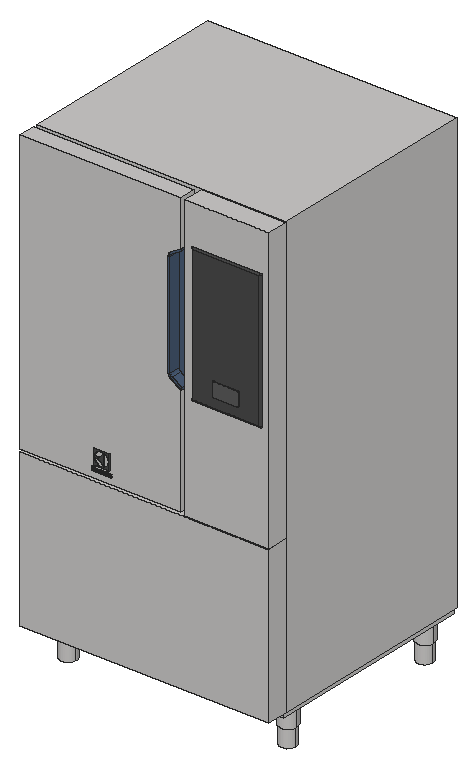
Revit family "QF_ELECTROLUXPROFESSIONAL_727738_EBFA11Q", category Specialty Equipment, Revit 2018
Family settings
  Round Connector Dimension = Use Diameter
  Part Type = Normal
  Work Plane-Based = No
  Always vertical = Yes
  Cut with Voids When Loaded = No
  Shared = No
  Room Calculation Point = No
Parameters
  Weight = 0.00 kg
  Watts = 0 W
  Volts = 208 V
  URL Manufacturer = "http://professional.electrolux.com"
  URL = "http://professional.electrolux.com"
  Steam Supply Size = 0 mm
  Steam Supply Minimum Pressure = 0.0 Pa
  Steam Supply Maximum Pressure = 0.0 Pa
  Steam Pounds per Hour = 0
  Show Logo [instance] = yes
  Show Clearance [instance] = yes
  Refrigeration Suction Line Size = 0 mm
  Refrigeration Liquid Line Size = 0 mm
  Refrigerant Compressor Remote = yes
  Manufacturer = "Electrolux"
  Phase = 3
  Model = "EBFA11Q"
  Length Actual = 895 mm  # constant formula
  Item Number = "727738"
  Hot Water Size = 0 mm
  Height Actual = 1731 mm  # constant formula
  HP = "6.3 HP"
  Gas Size = 0 mm
  Gas KW = 0
  Gas Input Pressure = 0 W
  Direct Waste Size = 0 mm
  Description = "BLAST C/FR 50/50KG 10GN1/1-208V-US-USB"
  Depth Actual = 939 mm  # constant formula
  Cycle = 60 Hz
  Condensate Return Size = 0 mm
  Compressed Air Volume = 0.0 L/s
  Compressed Air Size = 0 mm
  Compressed Air Pressure = 0.0 Pa
  Cold Water Size = 0 mm
  Accessory = yes
Reference planes
  plane 1 "Center X": y = 126.351
  plane 2: z = 0
  plane 3 "Center Y": x = -311.5
  plane 4 "LEFT": x = -759
  plane 5 "BACK": y = 547.851
  plane 6 "RIGHT": x = 136
  plane 7 "FRONT": y = -295.149
  plane 8: z = 130
  plane 9 "TOP": z = 1731
  plane 10: x = -707
  plane 11: y = 471.851
  plane 12: x = 84
  plane 13: y = -144.149
  plane 14: y = 639.851
  plane 15: y = -834.149
Forms (mm)
  Extrusion 1, solid, material "QF_Finishes_Stainless Steel"
    sketch origin (0, 0, 1731) x (-1, 0, 0) y (0, -1, 0)
      loop
        line (759, -547.851) -> (759, 219.149) -> (-136, 219.149) -> (-136, -547.851) -> (759, -547.851)
    from 0 to -1581
  Extrusion 2, solid, material "QF_Finishes_Stainless Steel"
    sketch origin (-759, -0.954, 258.709) x (0, 1, 0) y (0, 0, 1)
      loop
        line (548.805, 694.306) -> (548.805, 392.314) -> (633.5, 399.789)
        arc (633.5, 399.789) -> (638.702, 402.354) -> (640.805, 407.759) r 8
        line (640.805, 407.759) -> (640.805, 433.233)
        arc (640.805, 433.233) -> (636.783, 442.547) -> (640.805, 451.86) r 12.795
        line (640.805, 451.86) -> (640.805, 483.24)
        arc (640.805, 483.24) -> (636.783, 492.554) -> (640.805, 501.867) r 12.795
        line (640.805, 501.867) -> (640.805, 533.247)
        arc (640.805, 533.247) -> (636.783, 542.56) -> (640.805, 551.874) r 12.795
        line (640.805, 551.874) -> (640.805, 583.254)
        arc (640.805, 583.254) -> (636.783, 592.567) -> (640.805, 601.881) r 12.795
        line (640.805, 601.881) -> (640.805, 634.796)
        arc (640.805, 634.796) -> (639.466, 639.795) -> (635.808, 643.455) r 10
        line (635.808, 643.455) -> (548.805, 694.306)
    from 618.187 to 801.865
  Extrusion 3, solid, material "QF_Finishes_Stainless Steel"
    sketch origin (-54.727, 547.851, 2066) x (1, 0, 0) y (0, 0, -1)
      loop
        circle (121.727, 1473) r 10.5
    from 0 to 29
  Extrusion 4, solid, material "QF_Finishes_Stainless Steel"
    sketch origin (-1206.916, -1524, 130) x (-1, 0, 0) y (0, -1, 0)
      loop
        line (-447.916, -1228.851) -> (-1342.916, -1228.851) -> (-1342.916, -1303.851) -> (-447.916, -1303.851) -> (-447.916, -1228.851)
    from 580 to 20.02
  Extrusion 5, solid, material "QF_Finishes_Stainless Steel"
    sketch origin (-1206.916, -1524, 130) x (-1, 0, 0) y (0, -1, 0)
      loop
        line (-456.916, -2071.851) -> (-456.916, -1306.851) -> (-1333.916, -1306.851) -> (-1333.916, -2071.851) -> (-456.916, -2071.851)
    from 20 to 0
  Extrusion 6, solid, material "QF_Finishes_Stainless Steel"
    sketch origin (-1206.916, -1524, 130) x (0, -1, 0) y (-1, 0, 0)
      loop
        circle (-1673.851, -847.916) r 9.5
    from 0 to 31.68
  Extrusion 7, void
    sketch origin (1, 0, 1731) x (-1, 0, 0) y (0, -1, 0)
      loop
        line (132.09, -639.851) -> (141.813, -639.851) -> (141.813, -547.851) -> (140.183, -547.851) -> (132.09, -639.851)
      loop
        line (-40.234, -547.851) -> (-41.865, -547.851) -> (-41.865, -639.851) -> (-32.141, -639.851) -> (-40.234, -547.851)
    from -1080 to -770
  Extrusion 8, solid, material "QF_Finishes_Stainless Steel"
    sketch origin (-623, -295.149, 0) x (1, 0, 0) y (0, 0, -1)
      loop
        line (442.2, -1731) -> (442.2, -1568.97) -> (405.947, -1544.888)
        arc (405.947, -1544.888) -> (399.716, -1538.041) -> (397.46, -1529.062) r 19
        line (397.46, -1529.062) -> (397.46, -1154.149)
        arc (397.46, -1154.149) -> (399.839, -1144.688) -> (406.41, -1137.479) r 20
        line (406.41, -1137.479) -> (442.2, -1113.756) -> (442.2, -719.524) -> (-136, -719.524) -> (-136, -1731) -> (442.2, -1731)
    from 0 to 60
  Extrusion 9, solid, material "QF_Finishes_Stainless Steel"
    sketch origin (-623, 0, 1060.038) x (1, 0, 0) y (0, 1, 0)
      loop
        line (759, -295.149) -> (759, -220.149) -> (457, -220.149) -> (457, -295.149) -> (759, -295.149)
    from 670.962 to -349
  Extrusion 10, solid, material "QF_Door-Drawer Clearances", visible <- "Show Clearance", detail levels coarse
    sketch origin (-623, 0, 1060.038) x (1, 0, 0) y (0, 1, 0)
      loop
        line (-82, -295.149) -> (-82, -831.649)
        arc (-82, -831.649) -> (284.195, -665.108) -> (442.2, -295.149) r 556
        line (442.2, -295.149) -> (-82, -295.149)
    from -340.514 to 670.962
  Extrusion 11, solid, material "QF_Finishes_Stainless Steel"
    sketch origin (-632, -235.149, 600.072) x (1, 0, 0) y (0, 0, -1)
      loop
        line (406.46, -554.076) -> (406.46, -928.989)
        arc (406.46, -928.989) -> (408.716, -937.969) -> (414.947, -944.816) r 19
        line (414.947, -944.816) -> (451.2, -968.898) -> (451.2, -513.683) -> (415.41, -537.406)
        arc (415.41, -537.406) -> (408.839, -544.616) -> (406.46, -554.076) r 20
    from -21 to 0
  Extrusion 12, solid, material "QF_Finishes_Electrolux_Blue"
    sketch origin (-632, -295.149, 600.072) x (-1, 0, 0) y (0, 0, -1)
      loop
        line (-451.2, -968.898) -> (-414.947, -944.816)
        arc (-414.947, -944.816) -> (-408.716, -937.969) -> (-406.46, -928.989) r 19
        line (-406.46, -928.989) -> (-406.46, -554.076)
        arc (-406.46, -554.076) -> (-408.839, -544.616) -> (-415.41, -537.406) r 20
        line (-415.41, -537.406) -> (-451.2, -513.683) -> (-453.7, -513.683) -> (-453.7, -519.824) -> (-419.001, -542.824)
        arc (-419.001, -542.824) -> (-414.566, -547.691) -> (-412.96, -554.076) r 13.5
        line (-412.96, -554.076) -> (-412.96, -928.989)
        arc (-412.96, -928.989) -> (-414.444, -934.897) -> (-418.543, -939.401) r 12.5
        line (-418.543, -939.401) -> (-453.7, -962.755) -> (-453.7, -968.898) -> (-451.2, -968.898)
    from -39 to 1
  Extrusion 13, void
    sketch origin (136, -219.149, 1731) x (1, 0, 0) y (0, 0, -1)
      loop
        line (-366.8, 60) -> (-366.8, 962) -> (-834, 962) -> (-834, 60) -> (-366.8, 60)
    from 0 to 705
  Extrusion 14, solid, material "QF_Door-Drawer Clearances", visible <- "Show Clearance", detail levels coarse
    sketch origin (-765, -389.449, 0) x (0, -1, 0) y (0, 0, -1)
      loop
        line (442.2, -1731) -> (442.2, -1568.97) -> (405.947, -1544.888)
        arc (405.947, -1544.888) -> (399.716, -1538.041) -> (397.46, -1529.062) r 19
        line (397.46, -1529.062) -> (397.46, -1154.149)
        arc (397.46, -1154.149) -> (399.839, -1144.688) -> (406.41, -1137.479) r 20
        line (406.41, -1137.479) -> (442.2, -1113.756) -> (442.2, -719.524) -> (-94.3, -719.524) -> (-94.3, -1731) -> (442.2, -1731)
    from 0 to 60
  Extrusion 15, solid, material "QF_Door-Drawer Clearances", visible <- "Show Clearance", detail levels coarse
    sketch origin (-705, -380.449, 600.072) x (0, -1, 0) y (0, 0, -1)
      loop
        line (406.46, -554.076) -> (406.46, -928.989)
        arc (406.46, -928.989) -> (408.716, -937.969) -> (414.947, -944.816) r 19
        line (414.947, -944.816) -> (451.2, -968.898) -> (451.2, -513.683) -> (415.41, -537.406)
        arc (415.41, -537.406) -> (408.839, -544.616) -> (406.46, -554.076) r 20
    from -21 to 0
  Extrusion 16, solid, material "QF_Door-Drawer Clearances", visible <- "Show Clearance", detail levels coarse
    sketch origin (-765, -380.449, 600.072) x (0, 1, 0) y (0, 0, -1)
      loop
        line (-451.2, -968.898) -> (-414.947, -944.816)
        arc (-414.947, -944.816) -> (-408.716, -937.969) -> (-406.46, -928.989) r 19
        line (-406.46, -928.989) -> (-406.46, -554.076)
        arc (-406.46, -554.076) -> (-408.839, -544.616) -> (-415.41, -537.406) r 20
        line (-415.41, -537.406) -> (-451.2, -513.683) -> (-453.7, -513.683) -> (-453.7, -519.824) -> (-419.001, -542.824)
        arc (-419.001, -542.824) -> (-414.566, -547.691) -> (-412.96, -554.076) r 13.5
        line (-412.96, -554.076) -> (-412.96, -928.989)
        arc (-412.96, -928.989) -> (-414.444, -934.897) -> (-418.543, -939.401) r 12.5
        line (-418.543, -939.401) -> (-453.7, -962.755) -> (-453.7, -968.898) -> (-451.2, -968.898)
    from -39 to 1
Cuts and joins
  Extrusion 13 cuts Extrusion 1
  Extrusion 7, Extrusion 13 cuts Extrusion 2
  Extrusion 13 cuts Extrusion 3
  Extrusion 13 cuts Extrusion 5
  Extrusion 13 cuts Extrusion 6
  joined: Extrusion 1, Extrusion 2, Extrusion 3, Extrusion 5, Extrusion 6
  joined: Extrusion 10, Extrusion 14, Extrusion 15, Extrusion 16
Lines and regions (mm)
  Split face 1
    outline origin (594.146, -295.149, -365.12) x (-1, 0, 0) y (0, 0, -1)
      loop
        line (490.638, -548.639) -> (600.654, -548.639) -> (600.654, -543.665) -> (490.638, -543.665) -> (490.638, -548.639)
  Split face 2
    outline origin (594.146, -295.149, -355.62) x (-1, 0, 0) y (0, 0, -1)
      loop
        line (490.638, -548.639) -> (600.654, -548.639) -> (600.654, -543.665) -> (490.638, -543.665) -> (490.638, -548.639)
  Split face 3
    outline origin (594.146, -295.149, -346.12) x (-1, 0, 0) y (0, 0, -1)
      loop
        line (490.638, -548.639) -> (600.654, -548.639) -> (600.654, -543.665) -> (490.638, -543.665) -> (490.638, -548.639)
  Split face 4
    outline origin (594.146, -295.149, -336.62) x (-1, 0, 0) y (0, 0, -1)
      loop
        line (490.638, -548.639) -> (600.654, -548.639) -> (600.654, -543.665) -> (490.638, -543.665) -> (490.638, -548.639)
  Split face 5
    outline origin (594.146, -295.149, -327.12) x (-1, 0, 0) y (0, 0, -1)
      loop
        line (490.638, -548.639) -> (600.654, -548.639) -> (600.654, -543.665) -> (490.638, -543.665) -> (490.638, -548.639)
  Split face 6
    outline origin (594.146, -295.149, -317.619) x (-1, 0, 0) y (0, 0, -1)
      loop
        line (490.638, -548.639) -> (600.654, -548.639) -> (600.654, -543.665) -> (490.638, -543.665) -> (490.638, -548.639)
  Split face 7
    outline origin (594.146, -295.149, -308.119) x (-1, 0, 0) y (0, 0, -1)
      loop
        line (490.638, -548.639) -> (600.654, -548.639) -> (600.654, -543.665) -> (490.638, -543.665) -> (490.638, -548.639)
  Split face 8
    outline origin (594.146, -295.149, -298.619) x (-1, 0, 0) y (0, 0, -1)
      loop
        line (490.638, -548.639) -> (600.654, -548.639) -> (600.654, -543.665) -> (490.638, -543.665) -> (490.638, -548.639)
  Split face 9
    outline origin (594.146, -295.149, -289.119) x (-1, 0, 0) y (0, 0, -1)
      loop
        line (490.638, -548.639) -> (600.654, -548.639) -> (600.654, -543.665) -> (490.638, -543.665) -> (490.638, -548.639)
  Split face 10
    outline origin (594.146, -295.149, -279.619) x (-1, 0, 0) y (0, 0, -1)
      loop
        line (490.638, -548.639) -> (600.654, -548.639) -> (600.654, -543.665) -> (490.638, -543.665) -> (490.638, -548.639)
  Split face 11
    outline origin (594.146, -295.149, -270.119) x (-1, 0, 0) y (0, 0, -1)
      loop
        line (490.638, -548.639) -> (600.654, -548.639) -> (600.654, -543.665) -> (490.638, -543.665) -> (490.638, -548.639)
  Split face 12
    outline origin (594.146, -295.149, -260.619) x (-1, 0, 0) y (0, 0, -1)
      loop
        line (490.638, -548.639) -> (600.654, -548.639) -> (600.654, -543.665) -> (490.638, -543.665) -> (490.638, -548.639)
  Split face 13
    outline origin (594.146, -295.149, -251.119) x (-1, 0, 0) y (0, 0, -1)
      loop
        line (490.638, -548.639) -> (600.654, -548.639) -> (600.654, -543.665) -> (490.638, -543.665) -> (490.638, -548.639)
  Split face 14
    outline origin (594.146, -295.149, -241.619) x (-1, 0, 0) y (0, 0, -1)
      loop
        line (490.638, -548.639) -> (600.654, -548.639) -> (600.654, -543.665) -> (490.638, -543.665) -> (490.638, -548.639)
  Split face 15
    outline origin (594.146, -295.149, -232.119) x (-1, 0, 0) y (0, 0, -1)
      loop
        line (490.638, -548.639) -> (600.654, -548.639) -> (600.654, -543.665) -> (490.638, -543.665) -> (490.638, -548.639)
  Split face 16
    outline origin (594.146, -295.149, -222.619) x (-1, 0, 0) y (0, 0, -1)
      loop
        line (490.638, -548.639) -> (600.654, -548.639) -> (600.654, -543.665) -> (490.638, -543.665) -> (490.638, -548.639)
  Split face 17
    outline origin (594.146, -295.149, -213.119) x (-1, 0, 0) y (0, 0, -1)
      loop
        line (490.638, -548.639) -> (600.654, -548.639) -> (600.654, -543.665) -> (490.638, -543.665) -> (490.638, -548.639)
  Split face 18
    outline origin (594.146, -295.149, -203.619) x (-1, 0, 0) y (0, 0, -1)
      loop
        line (490.638, -548.639) -> (600.654, -548.639) -> (600.654, -543.665) -> (490.638, -543.665) -> (490.638, -548.639)
  Split face 19
    outline origin (594.146, -295.149, -194.118) x (-1, 0, 0) y (0, 0, -1)
      loop
        line (490.638, -548.639) -> (600.654, -548.639) -> (600.654, -543.665) -> (490.638, -543.665) -> (490.638, -548.639)
  Split face 20
    outline origin (594.146, -295.149, -184.618) x (-1, 0, 0) y (0, 0, -1)
      loop
        line (490.638, -548.639) -> (600.654, -548.639) -> (600.654, -543.665) -> (490.638, -543.665) -> (490.638, -548.639)
  Split face 21
    outline origin (594.146, -295.149, -175.118) x (-1, 0, 0) y (0, 0, -1)
      loop
        line (490.638, -548.639) -> (600.654, -548.639) -> (600.654, -543.665) -> (490.638, -543.665) -> (490.638, -548.639)
  Split face 22
    outline origin (594.146, -295.149, -165.618) x (-1, 0, 0) y (0, 0, -1)
      loop
        line (490.638, -548.639) -> (600.654, -548.639) -> (600.654, -543.665) -> (490.638, -543.665) -> (490.638, -548.639)
  Split face 23
    outline origin (594.146, -295.149, -156.118) x (-1, 0, 0) y (0, 0, -1)
      loop
        line (490.638, -548.639) -> (600.654, -548.639) -> (600.654, -543.665) -> (490.638, -543.665) -> (490.638, -548.639)
  Split face 24
    outline origin (594.146, -295.149, -146.618) x (-1, 0, 0) y (0, 0, -1)
      loop
        line (490.638, -548.639) -> (600.654, -548.639) -> (600.654, -543.665) -> (490.638, -543.665) -> (490.638, -548.639)
  Split face 25
    outline origin (594.146, -295.149, -137.118) x (-1, 0, 0) y (0, 0, -1)
      loop
        line (490.638, -548.639) -> (600.654, -548.639) -> (600.654, -543.665) -> (490.638, -543.665) -> (490.638, -548.639)
  Split face 26
    outline origin (594.146, -295.149, -127.618) x (-1, 0, 0) y (0, 0, -1)
      loop
        line (490.638, -548.639) -> (600.654, -548.639) -> (600.654, -543.665) -> (490.638, -543.665) -> (490.638, -548.639)
  Split face 27
    outline origin (594.146, -295.149, -118.118) x (-1, 0, 0) y (0, 0, -1)
      loop
        line (490.638, -548.639) -> (600.654, -548.639) -> (600.654, -543.665) -> (490.638, -543.665) -> (490.638, -548.639)
  Split face 28
    outline origin (594.146, -295.149, -108.618) x (-1, 0, 0) y (0, 0, -1)
      loop
        line (490.638, -548.639) -> (600.654, -548.639) -> (600.654, -543.665) -> (490.638, -543.665) -> (490.638, -548.639)
  Split face 29
    outline origin (594.146, -295.149, -99.118) x (-1, 0, 0) y (0, 0, -1)
      loop
        line (490.638, -548.639) -> (600.654, -548.639) -> (600.654, -543.665) -> (490.638, -543.665) -> (490.638, -548.639)
  Split face 30
    outline origin (594.146, -295.149, -89.618) x (-1, 0, 0) y (0, 0, -1)
      loop
        line (490.638, -548.639) -> (600.654, -548.639) -> (600.654, -543.665) -> (490.638, -543.665) -> (490.638, -548.639)
  Split face 31
    outline origin (594.146, -295.149, -80.117) x (-1, 0, 0) y (0, 0, -1)
      loop
        line (490.638, -548.639) -> (600.654, -548.639) -> (600.654, -543.665) -> (490.638, -543.665) -> (490.638, -548.639)
  Split face 32
    outline origin (594.146, -295.149, -70.617) x (-1, 0, 0) y (0, 0, -1)
      loop
        line (490.638, -548.639) -> (600.654, -548.639) -> (600.654, -543.665) -> (490.638, -543.665) -> (490.638, -548.639)
  Split face 33
    outline origin (594.146, -295.149, -61.117) x (-1, 0, 0) y (0, 0, -1)
      loop
        line (490.638, -548.639) -> (600.654, -548.639) -> (600.654, -543.665) -> (490.638, -543.665) -> (490.638, -548.639)
  Split face 34
    outline origin (594.146, -295.149, -51.617) x (-1, 0, 0) y (0, 0, -1)
      loop
        line (490.638, -548.639) -> (600.654, -548.639) -> (600.654, -543.665) -> (490.638, -543.665) -> (490.638, -548.639)
  Split face 35
    outline origin (594.146, -295.149, -42.117) x (-1, 0, 0) y (0, 0, -1)
      loop
        line (490.638, -548.639) -> (600.654, -548.639) -> (600.654, -543.665) -> (490.638, -543.665) -> (490.638, -548.639)
  Split face 36
    outline origin (594.146, -295.149, -32.617) x (-1, 0, 0) y (0, 0, -1)
      loop
        line (490.638, -548.639) -> (600.654, -548.639) -> (600.654, -543.665) -> (490.638, -543.665) -> (490.638, -548.639)
  Split face 37
    outline origin (594.146, -295.149, -23.117) x (-1, 0, 0) y (0, 0, -1)
      loop
        line (490.638, -548.639) -> (600.654, -548.639) -> (600.654, -543.665) -> (490.638, -543.665) -> (490.638, -548.639)
  Split face 38
    outline origin (594.146, -295.149, -13.617) x (-1, 0, 0) y (0, 0, -1)
      loop
        line (490.638, -548.639) -> (600.654, -548.639) -> (600.654, -543.665) -> (490.638, -543.665) -> (490.638, -548.639)
  Split face 39
    outline origin (594.146, -295.149, -4.117) x (-1, 0, 0) y (0, 0, -1)
      loop
        line (490.638, -548.639) -> (600.654, -548.639) -> (600.654, -543.665) -> (490.638, -543.665) -> (490.638, -548.639)
  Split face 40
    outline origin (594.146, -295.149, 5.383) x (-1, 0, 0) y (0, 0, -1)
      loop
        line (490.638, -548.639) -> (600.654, -548.639) -> (600.654, -543.665) -> (490.638, -543.665) -> (490.638, -548.639)
  Split face 41
    outline origin (594.146, -295.149, 14.883) x (-1, 0, 0) y (0, 0, -1)
      loop
        line (490.638, -548.639) -> (600.654, -548.639) -> (600.654, -543.665) -> (490.638, -543.665) -> (490.638, -548.639)
  Split face 42
    outline origin (474.155, -295.149, -365.12) x (-1, 0, 0) y (0, 0, -1)
      loop
        line (490.638, -548.639) -> (600.654, -548.639) -> (600.654, -543.665) -> (490.638, -543.665) -> (490.638, -548.639)
  Split face 43
    outline origin (474.155, -295.149, -355.62) x (-1, 0, 0) y (0, 0, -1)
      loop
        line (490.638, -548.639) -> (600.654, -548.639) -> (600.654, -543.665) -> (490.638, -543.665) -> (490.638, -548.639)
  Split face 44
    outline origin (474.155, -295.149, -346.12) x (-1, 0, 0) y (0, 0, -1)
      loop
        line (490.638, -548.639) -> (600.654, -548.639) -> (600.654, -543.665) -> (490.638, -543.665) -> (490.638, -548.639)
  Split face 45
    outline origin (474.155, -295.149, -336.62) x (-1, 0, 0) y (0, 0, -1)
      loop
        line (490.638, -548.639) -> (600.654, -548.639) -> (600.654, -543.665) -> (490.638, -543.665) -> (490.638, -548.639)
  Split face 46
    outline origin (474.155, -295.149, -327.12) x (-1, 0, 0) y (0, 0, -1)
      loop
        line (490.638, -548.639) -> (600.654, -548.639) -> (600.654, -543.665) -> (490.638, -543.665) -> (490.638, -548.639)
  Split face 47
    outline origin (474.155, -295.149, -317.619) x (-1, 0, 0) y (0, 0, -1)
      loop
        line (490.638, -548.639) -> (600.654, -548.639) -> (600.654, -543.665) -> (490.638, -543.665) -> (490.638, -548.639)
  Split face 48
    outline origin (474.155, -295.149, -308.119) x (-1, 0, 0) y (0, 0, -1)
      loop
        line (490.638, -548.639) -> (600.654, -548.639) -> (600.654, -543.665) -> (490.638, -543.665) -> (490.638, -548.639)
  Split face 49
    outline origin (474.155, -295.149, -298.619) x (-1, 0, 0) y (0, 0, -1)
      loop
        line (490.638, -548.639) -> (600.654, -548.639) -> (600.654, -543.665) -> (490.638, -543.665) -> (490.638, -548.639)
  Split face 50
    outline origin (474.155, -295.149, -289.119) x (-1, 0, 0) y (0, 0, -1)
      loop
        line (490.638, -548.639) -> (600.654, -548.639) -> (600.654, -543.665) -> (490.638, -543.665) -> (490.638, -548.639)
  Split face 51
    outline origin (474.155, -295.149, -279.619) x (-1, 0, 0) y (0, 0, -1)
      loop
        line (490.638, -548.639) -> (600.654, -548.639) -> (600.654, -543.665) -> (490.638, -543.665) -> (490.638, -548.639)
  Split face 52
    outline origin (474.155, -295.149, -270.119) x (-1, 0, 0) y (0, 0, -1)
      loop
        line (490.638, -548.639) -> (600.654, -548.639) -> (600.654, -543.665) -> (490.638, -543.665) -> (490.638, -548.639)
  Split face 53
    outline origin (474.155, -295.149, -260.619) x (-1, 0, 0) y (0, 0, -1)
      loop
        line (490.638, -548.639) -> (600.654, -548.639) -> (600.654, -543.665) -> (490.638, -543.665) -> (490.638, -548.639)
  Split face 54
    outline origin (474.155, -295.149, -251.119) x (-1, 0, 0) y (0, 0, -1)
      loop
        line (490.638, -548.639) -> (600.654, -548.639) -> (600.654, -543.665) -> (490.638, -543.665) -> (490.638, -548.639)
  Split face 55
    outline origin (474.155, -295.149, -241.619) x (-1, 0, 0) y (0, 0, -1)
      loop
        line (490.638, -548.639) -> (600.654, -548.639) -> (600.654, -543.665) -> (490.638, -543.665) -> (490.638, -548.639)
  Split face 56
    outline origin (474.155, -295.149, -232.119) x (-1, 0, 0) y (0, 0, -1)
      loop
        line (490.638, -548.639) -> (600.654, -548.639) -> (600.654, -543.665) -> (490.638, -543.665) -> (490.638, -548.639)
  Split face 57
    outline origin (474.155, -295.149, -222.619) x (-1, 0, 0) y (0, 0, -1)
      loop
        line (490.638, -548.639) -> (600.654, -548.639) -> (600.654, -543.665) -> (490.638, -543.665) -> (490.638, -548.639)
  Split face 58
    outline origin (474.155, -295.149, -213.119) x (-1, 0, 0) y (0, 0, -1)
      loop
        line (490.638, -548.639) -> (600.654, -548.639) -> (600.654, -543.665) -> (490.638, -543.665) -> (490.638, -548.639)
  Split face 59
    outline origin (474.155, -295.149, -203.619) x (-1, 0, 0) y (0, 0, -1)
      loop
        line (490.638, -548.639) -> (600.654, -548.639) -> (600.654, -543.665) -> (490.638, -543.665) -> (490.638, -548.639)
  Split face 60
    outline origin (474.155, -295.149, -194.118) x (-1, 0, 0) y (0, 0, -1)
      loop
        line (490.638, -548.639) -> (600.654, -548.639) -> (600.654, -543.665) -> (490.638, -543.665) -> (490.638, -548.639)
  Split face 61
    outline origin (474.155, -295.149, -184.618) x (-1, 0, 0) y (0, 0, -1)
      loop
        line (490.638, -548.639) -> (600.654, -548.639) -> (600.654, -543.665) -> (490.638, -543.665) -> (490.638, -548.639)
  Split face 62
    outline origin (474.155, -295.149, -175.118) x (-1, 0, 0) y (0, 0, -1)
      loop
        line (490.638, -548.639) -> (600.654, -548.639) -> (600.654, -543.665) -> (490.638, -543.665) -> (490.638, -548.639)
  Split face 63
    outline origin (474.155, -295.149, -165.618) x (-1, 0, 0) y (0, 0, -1)
      loop
        line (490.638, -548.639) -> (600.654, -548.639) -> (600.654, -543.665) -> (490.638, -543.665) -> (490.638, -548.639)
  Split face 64
    outline origin (474.155, -295.149, -156.118) x (-1, 0, 0) y (0, 0, -1)
      loop
        line (490.638, -548.639) -> (600.654, -548.639) -> (600.654, -543.665) -> (490.638, -543.665) -> (490.638, -548.639)
  Split face 65
    outline origin (474.155, -295.149, -146.618) x (-1, 0, 0) y (0, 0, -1)
      loop
        line (490.638, -548.639) -> (600.654, -548.639) -> (600.654, -543.665) -> (490.638, -543.665) -> (490.638, -548.639)
  Split face 66
    outline origin (474.155, -295.149, -137.118) x (-1, 0, 0) y (0, 0, -1)
      loop
        line (490.638, -548.639) -> (600.654, -548.639) -> (600.654, -543.665) -> (490.638, -543.665) -> (490.638, -548.639)
  Split face 67
    outline origin (474.155, -295.149, -127.618) x (-1, 0, 0) y (0, 0, -1)
      loop
        line (490.638, -548.639) -> (600.654, -548.639) -> (600.654, -543.665) -> (490.638, -543.665) -> (490.638, -548.639)
  Split face 68
    outline origin (474.155, -295.149, -118.118) x (-1, 0, 0) y (0, 0, -1)
      loop
        line (490.638, -548.639) -> (600.654, -548.639) -> (600.654, -543.665) -> (490.638, -543.665) -> (490.638, -548.639)
  Split face 69
    outline origin (474.155, -295.149, -108.618) x (-1, 0, 0) y (0, 0, -1)
      loop
        line (490.638, -548.639) -> (600.654, -548.639) -> (600.654, -543.665) -> (490.638, -543.665) -> (490.638, -548.639)
  Split face 70
    outline origin (474.155, -295.149, -99.118) x (-1, 0, 0) y (0, 0, -1)
      loop
        line (490.638, -548.639) -> (600.654, -548.639) -> (600.654, -543.665) -> (490.638, -543.665) -> (490.638, -548.639)
  Split face 71
    outline origin (474.155, -295.149, -89.618) x (-1, 0, 0) y (0, 0, -1)
      loop
        line (490.638, -548.639) -> (600.654, -548.639) -> (600.654, -543.665) -> (490.638, -543.665) -> (490.638, -548.639)
  Split face 72
    outline origin (474.155, -295.149, -80.117) x (-1, 0, 0) y (0, 0, -1)
      loop
        line (490.638, -548.639) -> (600.654, -548.639) -> (600.654, -543.665) -> (490.638, -543.665) -> (490.638, -548.639)
  Split face 73
    outline origin (474.155, -295.149, -70.617) x (-1, 0, 0) y (0, 0, -1)
      loop
        line (490.638, -548.639) -> (600.654, -548.639) -> (600.654, -543.665) -> (490.638, -543.665) -> (490.638, -548.639)
  Split face 74
    outline origin (474.155, -295.149, -61.117) x (-1, 0, 0) y (0, 0, -1)
      loop
        line (490.638, -548.639) -> (600.654, -548.639) -> (600.654, -543.665) -> (490.638, -543.665) -> (490.638, -548.639)
  Split face 75
    outline origin (474.155, -295.149, -51.617) x (-1, 0, 0) y (0, 0, -1)
      loop
        line (490.638, -548.639) -> (600.654, -548.639) -> (600.654, -543.665) -> (490.638, -543.665) -> (490.638, -548.639)
  Split face 76
    outline origin (474.155, -295.149, -42.117) x (-1, 0, 0) y (0, 0, -1)
      loop
        line (490.638, -548.639) -> (600.654, -548.639) -> (600.654, -543.665) -> (490.638, -543.665) -> (490.638, -548.639)
  Split face 77
    outline origin (474.155, -295.149, -32.617) x (-1, 0, 0) y (0, 0, -1)
      loop
        line (490.638, -548.639) -> (600.654, -548.639) -> (600.654, -543.665) -> (490.638, -543.665) -> (490.638, -548.639)
  Split face 78
    outline origin (474.155, -295.149, -23.117) x (-1, 0, 0) y (0, 0, -1)
      loop
        line (490.638, -548.639) -> (600.654, -548.639) -> (600.654, -543.665) -> (490.638, -543.665) -> (490.638, -548.639)
  Split face 79
    outline origin (474.155, -295.149, -13.617) x (-1, 0, 0) y (0, 0, -1)
      loop
        line (490.638, -548.639) -> (600.654, -548.639) -> (600.654, -543.665) -> (490.638, -543.665) -> (490.638, -548.639)
  Split face 80
    outline origin (474.155, -295.149, -4.117) x (-1, 0, 0) y (0, 0, -1)
      loop
        line (490.638, -548.639) -> (600.654, -548.639) -> (600.654, -543.665) -> (490.638, -543.665) -> (490.638, -548.639)
  Split face 81
    outline origin (474.155, -295.149, 5.383) x (-1, 0, 0) y (0, 0, -1)
      loop
        line (490.638, -548.639) -> (600.654, -548.639) -> (600.654, -543.665) -> (490.638, -543.665) -> (490.638, -548.639)
  Split face 82
    outline origin (474.155, -295.149, 14.883) x (-1, 0, 0) y (0, 0, -1)
      loop
        line (490.638, -548.639) -> (600.654, -548.639) -> (600.654, -543.665) -> (490.638, -543.665) -> (490.638, -548.639)
  Split face 83
    outline origin (354.164, -295.149, -365.12) x (-1, 0, 0) y (0, 0, -1)
      loop
        line (490.638, -548.639) -> (600.654, -548.639) -> (600.654, -543.665) -> (490.638, -543.665) -> (490.638, -548.639)
  Split face 84
    outline origin (354.164, -295.149, -355.62) x (-1, 0, 0) y (0, 0, -1)
      loop
        line (490.638, -548.639) -> (600.654, -548.639) -> (600.654, -543.665) -> (490.638, -543.665) -> (490.638, -548.639)
  Split face 85
    outline origin (354.164, -295.149, -346.12) x (-1, 0, 0) y (0, 0, -1)
      loop
        line (490.638, -548.639) -> (600.654, -548.639) -> (600.654, -543.665) -> (490.638, -543.665) -> (490.638, -548.639)
  Split face 86
    outline origin (354.164, -295.149, -336.62) x (-1, 0, 0) y (0, 0, -1)
      loop
        line (490.638, -548.639) -> (600.654, -548.639) -> (600.654, -543.665) -> (490.638, -543.665) -> (490.638, -548.639)
  Split face 87
    outline origin (354.164, -295.149, -327.12) x (-1, 0, 0) y (0, 0, -1)
      loop
        line (490.638, -548.639) -> (600.654, -548.639) -> (600.654, -543.665) -> (490.638, -543.665) -> (490.638, -548.639)
  Split face 88
    outline origin (354.164, -295.149, -317.619) x (-1, 0, 0) y (0, 0, -1)
      loop
        line (490.638, -548.639) -> (600.654, -548.639) -> (600.654, -543.665) -> (490.638, -543.665) -> (490.638, -548.639)
  Split face 89
    outline origin (354.164, -295.149, -308.119) x (-1, 0, 0) y (0, 0, -1)
      loop
        line (490.638, -548.639) -> (600.654, -548.639) -> (600.654, -543.665) -> (490.638, -543.665) -> (490.638, -548.639)
  Split face 90
    outline origin (354.164, -295.149, -298.619) x (-1, 0, 0) y (0, 0, -1)
      loop
        line (490.638, -548.639) -> (600.654, -548.639) -> (600.654, -543.665) -> (490.638, -543.665) -> (490.638, -548.639)
  Split face 91
    outline origin (354.164, -295.149, -289.119) x (-1, 0, 0) y (0, 0, -1)
      loop
        line (490.638, -548.639) -> (600.654, -548.639) -> (600.654, -543.665) -> (490.638, -543.665) -> (490.638, -548.639)
  Split face 92
    outline origin (354.164, -295.149, -279.619) x (-1, 0, 0) y (0, 0, -1)
      loop
        line (490.638, -548.639) -> (600.654, -548.639) -> (600.654, -543.665) -> (490.638, -543.665) -> (490.638, -548.639)
  Split face 93
    outline origin (354.164, -295.149, -270.119) x (-1, 0, 0) y (0, 0, -1)
      loop
        line (490.638, -548.639) -> (600.654, -548.639) -> (600.654, -543.665) -> (490.638, -543.665) -> (490.638, -548.639)
  Split face 94
    outline origin (354.164, -295.149, -260.619) x (-1, 0, 0) y (0, 0, -1)
      loop
        line (490.638, -548.639) -> (600.654, -548.639) -> (600.654, -543.665) -> (490.638, -543.665) -> (490.638, -548.639)
  Split face 95
    outline origin (354.164, -295.149, -251.119) x (-1, 0, 0) y (0, 0, -1)
      loop
        line (490.638, -548.639) -> (600.654, -548.639) -> (600.654, -543.665) -> (490.638, -543.665) -> (490.638, -548.639)
  Split face 96
    outline origin (354.164, -295.149, -241.619) x (-1, 0, 0) y (0, 0, -1)
      loop
        line (490.638, -548.639) -> (600.654, -548.639) -> (600.654, -543.665) -> (490.638, -543.665) -> (490.638, -548.639)
  Split face 97
    outline origin (354.164, -295.149, -232.119) x (-1, 0, 0) y (0, 0, -1)
      loop
        line (490.638, -548.639) -> (600.654, -548.639) -> (600.654, -543.665) -> (490.638, -543.665) -> (490.638, -548.639)
  Split face 98
    outline origin (354.164, -295.149, -222.619) x (-1, 0, 0) y (0, 0, -1)
      loop
        line (490.638, -548.639) -> (600.654, -548.639) -> (600.654, -543.665) -> (490.638, -543.665) -> (490.638, -548.639)
  Split face 99
    outline origin (354.164, -295.149, -213.119) x (-1, 0, 0) y (0, 0, -1)
      loop
        line (490.638, -548.639) -> (600.654, -548.639) -> (600.654, -543.665) -> (490.638, -543.665) -> (490.638, -548.639)
  Split face 100
    outline origin (354.164, -295.149, -203.619) x (-1, 0, 0) y (0, 0, -1)
      loop
        line (490.638, -548.639) -> (600.654, -548.639) -> (600.654, -543.665) -> (490.638, -543.665) -> (490.638, -548.639)
  Split face 101
    outline origin (354.164, -295.149, -194.118) x (-1, 0, 0) y (0, 0, -1)
      loop
        line (490.638, -548.639) -> (600.654, -548.639) -> (600.654, -543.665) -> (490.638, -543.665) -> (490.638, -548.639)
  Split face 102
    outline origin (354.164, -295.149, -184.618) x (-1, 0, 0) y (0, 0, -1)
      loop
        line (490.638, -548.639) -> (600.654, -548.639) -> (600.654, -543.665) -> (490.638, -543.665) -> (490.638, -548.639)
  Split face 103
    outline origin (354.164, -295.149, -175.118) x (-1, 0, 0) y (0, 0, -1)
      loop
        line (490.638, -548.639) -> (600.654, -548.639) -> (600.654, -543.665) -> (490.638, -543.665) -> (490.638, -548.639)
  Split face 104
    outline origin (354.164, -295.149, -165.618) x (-1, 0, 0) y (0, 0, -1)
      loop
        line (490.638, -548.639) -> (600.654, -548.639) -> (600.654, -543.665) -> (490.638, -543.665) -> (490.638, -548.639)
  Split face 105
    outline origin (354.164, -295.149, -156.118) x (-1, 0, 0) y (0, 0, -1)
      loop
        line (490.638, -548.639) -> (600.654, -548.639) -> (600.654, -543.665) -> (490.638, -543.665) -> (490.638, -548.639)
  Split face 106
    outline origin (354.164, -295.149, -146.618) x (-1, 0, 0) y (0, 0, -1)
      loop
        line (490.638, -548.639) -> (600.654, -548.639) -> (600.654, -543.665) -> (490.638, -543.665) -> (490.638, -548.639)
  Split face 107
    outline origin (354.164, -295.149, -137.118) x (-1, 0, 0) y (0, 0, -1)
      loop
        line (490.638, -548.639) -> (600.654, -548.639) -> (600.654, -543.665) -> (490.638, -543.665) -> (490.638, -548.639)
  Split face 108
    outline origin (354.164, -295.149, -127.618) x (-1, 0, 0) y (0, 0, -1)
      loop
        line (490.638, -548.639) -> (600.654, -548.639) -> (600.654, -543.665) -> (490.638, -543.665) -> (490.638, -548.639)
  Split face 109
    outline origin (354.164, -295.149, -118.118) x (-1, 0, 0) y (0, 0, -1)
      loop
        line (490.638, -548.639) -> (600.654, -548.639) -> (600.654, -543.665) -> (490.638, -543.665) -> (490.638, -548.639)
  Split face 110
    outline origin (354.164, -295.149, -108.618) x (-1, 0, 0) y (0, 0, -1)
      loop
        line (490.638, -548.639) -> (600.654, -548.639) -> (600.654, -543.665) -> (490.638, -543.665) -> (490.638, -548.639)
  Split face 111
    outline origin (354.164, -295.149, -99.118) x (-1, 0, 0) y (0, 0, -1)
      loop
        line (490.638, -548.639) -> (600.654, -548.639) -> (600.654, -543.665) -> (490.638, -543.665) -> (490.638, -548.639)
  Split face 112
    outline origin (354.164, -295.149, -89.618) x (-1, 0, 0) y (0, 0, -1)
      loop
        line (490.638, -548.639) -> (600.654, -548.639) -> (600.654, -543.665) -> (490.638, -543.665) -> (490.638, -548.639)
  Split face 113
    outline origin (354.164, -295.149, -80.117) x (-1, 0, 0) y (0, 0, -1)
      loop
        line (490.638, -548.639) -> (600.654, -548.639) -> (600.654, -543.665) -> (490.638, -543.665) -> (490.638, -548.639)
  Split face 114
    outline origin (354.164, -295.149, -70.617) x (-1, 0, 0) y (0, 0, -1)
      loop
        line (490.638, -548.639) -> (600.654, -548.639) -> (600.654, -543.665) -> (490.638, -543.665) -> (490.638, -548.639)
  Split face 115
    outline origin (354.164, -295.149, -61.117) x (-1, 0, 0) y (0, 0, -1)
      loop
        line (490.638, -548.639) -> (600.654, -548.639) -> (600.654, -543.665) -> (490.638, -543.665) -> (490.638, -548.639)
  Split face 116
    outline origin (354.164, -295.149, -51.617) x (-1, 0, 0) y (0, 0, -1)
      loop
        line (490.638, -548.639) -> (600.654, -548.639) -> (600.654, -543.665) -> (490.638, -543.665) -> (490.638, -548.639)
  Split face 117
    outline origin (354.164, -295.149, -42.117) x (-1, 0, 0) y (0, 0, -1)
      loop
        line (490.638, -548.639) -> (600.654, -548.639) -> (600.654, -543.665) -> (490.638, -543.665) -> (490.638, -548.639)
  Split face 118
    outline origin (354.164, -295.149, -32.617) x (-1, 0, 0) y (0, 0, -1)
      loop
        line (490.638, -548.639) -> (600.654, -548.639) -> (600.654, -543.665) -> (490.638, -543.665) -> (490.638, -548.639)
  Split face 119
    outline origin (354.164, -295.149, -23.117) x (-1, 0, 0) y (0, 0, -1)
      loop
        line (490.638, -548.639) -> (600.654, -548.639) -> (600.654, -543.665) -> (490.638, -543.665) -> (490.638, -548.639)
  Split face 120
    outline origin (354.164, -295.149, -13.617) x (-1, 0, 0) y (0, 0, -1)
      loop
        line (490.638, -548.639) -> (600.654, -548.639) -> (600.654, -543.665) -> (490.638, -543.665) -> (490.638, -548.639)
  Split face 121
    outline origin (354.164, -295.149, -4.117) x (-1, 0, 0) y (0, 0, -1)
      loop
        line (490.638, -548.639) -> (600.654, -548.639) -> (600.654, -543.665) -> (490.638, -543.665) -> (490.638, -548.639)
  Split face 122
    outline origin (354.164, -295.149, 5.383) x (-1, 0, 0) y (0, 0, -1)
      loop
        line (490.638, -548.639) -> (600.654, -548.639) -> (600.654, -543.665) -> (490.638, -543.665) -> (490.638, -548.639)
  Split face 123
    outline origin (354.164, -295.149, 14.883) x (-1, 0, 0) y (0, 0, -1)
      loop
        line (490.638, -548.639) -> (600.654, -548.639) -> (600.654, -543.665) -> (490.638, -543.665) -> (490.638, -548.639)
  Split face 124
    outline origin (234.172, -295.149, -365.12) x (-1, 0, 0) y (0, 0, -1)
      loop
        line (490.638, -548.639) -> (600.654, -548.639) -> (600.654, -543.665) -> (490.638, -543.665) -> (490.638, -548.639)
  Split face 125
    outline origin (234.172, -295.149, -355.62) x (-1, 0, 0) y (0, 0, -1)
      loop
        line (490.638, -548.639) -> (600.654, -548.639) -> (600.654, -543.665) -> (490.638, -543.665) -> (490.638, -548.639)
  Split face 126
    outline origin (234.172, -295.149, -346.12) x (-1, 0, 0) y (0, 0, -1)
      loop
        line (490.638, -548.639) -> (600.654, -548.639) -> (600.654, -543.665) -> (490.638, -543.665) -> (490.638, -548.639)
  Split face 127
    outline origin (234.172, -295.149, -336.62) x (-1, 0, 0) y (0, 0, -1)
      loop
        line (490.638, -548.639) -> (600.654, -548.639) -> (600.654, -543.665) -> (490.638, -543.665) -> (490.638, -548.639)
  Split face 128
    outline origin (234.172, -295.149, -327.12) x (-1, 0, 0) y (0, 0, -1)
      loop
        line (490.638, -548.639) -> (600.654, -548.639) -> (600.654, -543.665) -> (490.638, -543.665) -> (490.638, -548.639)
  Split face 129
    outline origin (234.172, -295.149, -317.619) x (-1, 0, 0) y (0, 0, -1)
      loop
        line (490.638, -548.639) -> (600.654, -548.639) -> (600.654, -543.665) -> (490.638, -543.665) -> (490.638, -548.639)
  Split face 130
    outline origin (234.172, -295.149, -308.119) x (-1, 0, 0) y (0, 0, -1)
      loop
        line (490.638, -548.639) -> (600.654, -548.639) -> (600.654, -543.665) -> (490.638, -543.665) -> (490.638, -548.639)
  Split face 131
    outline origin (234.172, -295.149, -298.619) x (-1, 0, 0) y (0, 0, -1)
      loop
        line (490.638, -548.639) -> (600.654, -548.639) -> (600.654, -543.665) -> (490.638, -543.665) -> (490.638, -548.639)
  Split face 132
    outline origin (234.172, -295.149, -289.119) x (-1, 0, 0) y (0, 0, -1)
      loop
        line (490.638, -548.639) -> (600.654, -548.639) -> (600.654, -543.665) -> (490.638, -543.665) -> (490.638, -548.639)
  Split face 133
    outline origin (234.172, -295.149, -279.619) x (-1, 0, 0) y (0, 0, -1)
      loop
        line (490.638, -548.639) -> (600.654, -548.639) -> (600.654, -543.665) -> (490.638, -543.665) -> (490.638, -548.639)
  Split face 134
    outline origin (234.172, -295.149, -270.119) x (-1, 0, 0) y (0, 0, -1)
      loop
        line (490.638, -548.639) -> (600.654, -548.639) -> (600.654, -543.665) -> (490.638, -543.665) -> (490.638, -548.639)
  Split face 135
    outline origin (234.172, -295.149, -260.619) x (-1, 0, 0) y (0, 0, -1)
      loop
        line (490.638, -548.639) -> (600.654, -548.639) -> (600.654, -543.665) -> (490.638, -543.665) -> (490.638, -548.639)
  Split face 136
    outline origin (234.172, -295.149, -251.119) x (-1, 0, 0) y (0, 0, -1)
      loop
        line (490.638, -548.639) -> (600.654, -548.639) -> (600.654, -543.665) -> (490.638, -543.665) -> (490.638, -548.639)
  Split face 137
    outline origin (234.172, -295.149, -241.619) x (-1, 0, 0) y (0, 0, -1)
      loop
        line (490.638, -548.639) -> (600.654, -548.639) -> (600.654, -543.665) -> (490.638, -543.665) -> (490.638, -548.639)
  Split face 138
    outline origin (234.172, -295.149, -232.119) x (-1, 0, 0) y (0, 0, -1)
      loop
        line (490.638, -548.639) -> (600.654, -548.639) -> (600.654, -543.665) -> (490.638, -543.665) -> (490.638, -548.639)
  Split face 139
    outline origin (234.172, -295.149, -222.619) x (-1, 0, 0) y (0, 0, -1)
      loop
        line (490.638, -548.639) -> (600.654, -548.639) -> (600.654, -543.665) -> (490.638, -543.665) -> (490.638, -548.639)
  Split face 140
    outline origin (234.172, -295.149, -213.119) x (-1, 0, 0) y (0, 0, -1)
      loop
        line (490.638, -548.639) -> (600.654, -548.639) -> (600.654, -543.665) -> (490.638, -543.665) -> (490.638, -548.639)
  Split face 141
    outline origin (234.172, -295.149, -203.619) x (-1, 0, 0) y (0, 0, -1)
      loop
        line (490.638, -548.639) -> (600.654, -548.639) -> (600.654, -543.665) -> (490.638, -543.665) -> (490.638, -548.639)
  Split face 142
    outline origin (234.172, -295.149, -194.118) x (-1, 0, 0) y (0, 0, -1)
      loop
        line (490.638, -548.639) -> (600.654, -548.639) -> (600.654, -543.665) -> (490.638, -543.665) -> (490.638, -548.639)
  Split face 143
    outline origin (234.172, -295.149, -184.618) x (-1, 0, 0) y (0, 0, -1)
      loop
        line (490.638, -548.639) -> (600.654, -548.639) -> (600.654, -543.665) -> (490.638, -543.665) -> (490.638, -548.639)
  Split face 144
    outline origin (234.172, -295.149, -175.118) x (-1, 0, 0) y (0, 0, -1)
      loop
        line (490.638, -548.639) -> (600.654, -548.639) -> (600.654, -543.665) -> (490.638, -543.665) -> (490.638, -548.639)
  Split face 145
    outline origin (234.172, -295.149, -165.618) x (-1, 0, 0) y (0, 0, -1)
      loop
        line (490.638, -548.639) -> (600.654, -548.639) -> (600.654, -543.665) -> (490.638, -543.665) -> (490.638, -548.639)
  Split face 146
    outline origin (234.172, -295.149, -156.118) x (-1, 0, 0) y (0, 0, -1)
      loop
        line (490.638, -548.639) -> (600.654, -548.639) -> (600.654, -543.665) -> (490.638, -543.665) -> (490.638, -548.639)
  Split face 147
    outline origin (234.172, -295.149, -146.618) x (-1, 0, 0) y (0, 0, -1)
      loop
        line (490.638, -548.639) -> (600.654, -548.639) -> (600.654, -543.665) -> (490.638, -543.665) -> (490.638, -548.639)
  Split face 148
    outline origin (234.172, -295.149, -137.118) x (-1, 0, 0) y (0, 0, -1)
      loop
        line (490.638, -548.639) -> (600.654, -548.639) -> (600.654, -543.665) -> (490.638, -543.665) -> (490.638, -548.639)
  Split face 149
    outline origin (234.172, -295.149, -127.618) x (-1, 0, 0) y (0, 0, -1)
      loop
        line (490.638, -548.639) -> (600.654, -548.639) -> (600.654, -543.665) -> (490.638, -543.665) -> (490.638, -548.639)
  Split face 150
    outline origin (234.172, -295.149, -118.118) x (-1, 0, 0) y (0, 0, -1)
      loop
        line (490.638, -548.639) -> (600.654, -548.639) -> (600.654, -543.665) -> (490.638, -543.665) -> (490.638, -548.639)
  Split face 151
    outline origin (234.172, -295.149, -108.618) x (-1, 0, 0) y (0, 0, -1)
      loop
        line (490.638, -548.639) -> (600.654, -548.639) -> (600.654, -543.665) -> (490.638, -543.665) -> (490.638, -548.639)
  Split face 152
    outline origin (234.172, -295.149, -99.118) x (-1, 0, 0) y (0, 0, -1)
      loop
        line (490.638, -548.639) -> (600.654, -548.639) -> (600.654, -543.665) -> (490.638, -543.665) -> (490.638, -548.639)
  Split face 153
    outline origin (234.172, -295.149, -89.618) x (-1, 0, 0) y (0, 0, -1)
      loop
        line (490.638, -548.639) -> (600.654, -548.639) -> (600.654, -543.665) -> (490.638, -543.665) -> (490.638, -548.639)
  Split face 154
    outline origin (234.172, -295.149, -80.117) x (-1, 0, 0) y (0, 0, -1)
      loop
        line (490.638, -548.639) -> (600.654, -548.639) -> (600.654, -543.665) -> (490.638, -543.665) -> (490.638, -548.639)
  Split face 155
    outline origin (234.172, -295.149, -70.617) x (-1, 0, 0) y (0, 0, -1)
      loop
        line (490.638, -548.639) -> (600.654, -548.639) -> (600.654, -543.665) -> (490.638, -543.665) -> (490.638, -548.639)
  Split face 156
    outline origin (234.172, -295.149, -61.117) x (-1, 0, 0) y (0, 0, -1)
      loop
        line (490.638, -548.639) -> (600.654, -548.639) -> (600.654, -543.665) -> (490.638, -543.665) -> (490.638, -548.639)
  Split face 157
    outline origin (234.172, -295.149, -51.617) x (-1, 0, 0) y (0, 0, -1)
      loop
        line (490.638, -548.639) -> (600.654, -548.639) -> (600.654, -543.665) -> (490.638, -543.665) -> (490.638, -548.639)
  Split face 158
    outline origin (234.172, -295.149, -42.117) x (-1, 0, 0) y (0, 0, -1)
      loop
        line (490.638, -548.639) -> (600.654, -548.639) -> (600.654, -543.665) -> (490.638, -543.665) -> (490.638, -548.639)
  Split face 159
    outline origin (234.172, -295.149, -32.617) x (-1, 0, 0) y (0, 0, -1)
      loop
        line (490.638, -548.639) -> (600.654, -548.639) -> (600.654, -543.665) -> (490.638, -543.665) -> (490.638, -548.639)
  Split face 160
    outline origin (234.172, -295.149, -23.117) x (-1, 0, 0) y (0, 0, -1)
      loop
        line (490.638, -548.639) -> (600.654, -548.639) -> (600.654, -543.665) -> (490.638, -543.665) -> (490.638, -548.639)
  Split face 161
    outline origin (234.172, -295.149, -13.617) x (-1, 0, 0) y (0, 0, -1)
      loop
        line (490.638, -548.639) -> (600.654, -548.639) -> (600.654, -543.665) -> (490.638, -543.665) -> (490.638, -548.639)
  Split face 162
    outline origin (234.172, -295.149, -4.117) x (-1, 0, 0) y (0, 0, -1)
      loop
        line (490.638, -548.639) -> (600.654, -548.639) -> (600.654, -543.665) -> (490.638, -543.665) -> (490.638, -548.639)
  Split face 163
    outline origin (234.172, -295.149, 5.383) x (-1, 0, 0) y (0, 0, -1)
      loop
        line (490.638, -548.639) -> (600.654, -548.639) -> (600.654, -543.665) -> (490.638, -543.665) -> (490.638, -548.639)
  Split face 164
    outline origin (234.172, -295.149, 14.883) x (-1, 0, 0) y (0, 0, -1)
      loop
        line (490.638, -548.639) -> (600.654, -548.639) -> (600.654, -543.665) -> (490.638, -543.665) -> (490.638, -548.639)
  Split face 165
    outline origin (114.181, -295.149, -365.12) x (-1, 0, 0) y (0, 0, -1)
      loop
        line (490.638, -548.639) -> (600.654, -548.639) -> (600.654, -543.665) -> (490.638, -543.665) -> (490.638, -548.639)
  Split face 166
    outline origin (114.181, -295.149, -355.62) x (-1, 0, 0) y (0, 0, -1)
      loop
        line (490.638, -548.639) -> (600.654, -548.639) -> (600.654, -543.665) -> (490.638, -543.665) -> (490.638, -548.639)
  Split face 167
    outline origin (114.181, -295.149, -346.12) x (-1, 0, 0) y (0, 0, -1)
      loop
        line (490.638, -548.639) -> (600.654, -548.639) -> (600.654, -543.665) -> (490.638, -543.665) -> (490.638, -548.639)
  Split face 168
    outline origin (114.181, -295.149, -336.62) x (-1, 0, 0) y (0, 0, -1)
      loop
        line (490.638, -548.639) -> (600.654, -548.639) -> (600.654, -543.665) -> (490.638, -543.665) -> (490.638, -548.639)
  Split face 169
    outline origin (114.181, -295.149, -327.12) x (-1, 0, 0) y (0, 0, -1)
      loop
        line (490.638, -548.639) -> (600.654, -548.639) -> (600.654, -543.665) -> (490.638, -543.665) -> (490.638, -548.639)
  Split face 170
    outline origin (114.181, -295.149, -317.619) x (-1, 0, 0) y (0, 0, -1)
      loop
        line (490.638, -548.639) -> (600.654, -548.639) -> (600.654, -543.665) -> (490.638, -543.665) -> (490.638, -548.639)
  Split face 171
    outline origin (114.181, -295.149, -308.119) x (-1, 0, 0) y (0, 0, -1)
      loop
        line (490.638, -548.639) -> (600.654, -548.639) -> (600.654, -543.665) -> (490.638, -543.665) -> (490.638, -548.639)
  Split face 172
    outline origin (114.181, -295.149, -298.619) x (-1, 0, 0) y (0, 0, -1)
      loop
        line (490.638, -548.639) -> (600.654, -548.639) -> (600.654, -543.665) -> (490.638, -543.665) -> (490.638, -548.639)
  Split face 173
    outline origin (114.181, -295.149, -289.119) x (-1, 0, 0) y (0, 0, -1)
      loop
        line (490.638, -548.639) -> (600.654, -548.639) -> (600.654, -543.665) -> (490.638, -543.665) -> (490.638, -548.639)
  Split face 174
    outline origin (114.181, -295.149, -279.619) x (-1, 0, 0) y (0, 0, -1)
      loop
        line (490.638, -548.639) -> (600.654, -548.639) -> (600.654, -543.665) -> (490.638, -543.665) -> (490.638, -548.639)
  Split face 175
    outline origin (114.181, -295.149, -270.119) x (-1, 0, 0) y (0, 0, -1)
      loop
        line (490.638, -548.639) -> (600.654, -548.639) -> (600.654, -543.665) -> (490.638, -543.665) -> (490.638, -548.639)
  Split face 176
    outline origin (114.181, -295.149, -260.619) x (-1, 0, 0) y (0, 0, -1)
      loop
        line (490.638, -548.639) -> (600.654, -548.639) -> (600.654, -543.665) -> (490.638, -543.665) -> (490.638, -548.639)
  Split face 177
    outline origin (114.181, -295.149, -251.119) x (-1, 0, 0) y (0, 0, -1)
      loop
        line (490.638, -548.639) -> (600.654, -548.639) -> (600.654, -543.665) -> (490.638, -543.665) -> (490.638, -548.639)
  Split face 178
    outline origin (114.181, -295.149, -241.619) x (-1, 0, 0) y (0, 0, -1)
      loop
        line (490.638, -548.639) -> (600.654, -548.639) -> (600.654, -543.665) -> (490.638, -543.665) -> (490.638, -548.639)
  Split face 179
    outline origin (114.181, -295.149, -232.119) x (-1, 0, 0) y (0, 0, -1)
      loop
        line (490.638, -548.639) -> (600.654, -548.639) -> (600.654, -543.665) -> (490.638, -543.665) -> (490.638, -548.639)
  Split face 180
    outline origin (114.181, -295.149, -222.619) x (-1, 0, 0) y (0, 0, -1)
      loop
        line (490.638, -548.639) -> (600.654, -548.639) -> (600.654, -543.665) -> (490.638, -543.665) -> (490.638, -548.639)
  Split face 181
    outline origin (114.181, -295.149, -213.119) x (-1, 0, 0) y (0, 0, -1)
      loop
        line (490.638, -548.639) -> (600.654, -548.639) -> (600.654, -543.665) -> (490.638, -543.665) -> (490.638, -548.639)
  Split face 182
    outline origin (114.181, -295.149, -203.619) x (-1, 0, 0) y (0, 0, -1)
      loop
        line (490.638, -548.639) -> (600.654, -548.639) -> (600.654, -543.665) -> (490.638, -543.665) -> (490.638, -548.639)
  Split face 183
    outline origin (114.181, -295.149, -194.118) x (-1, 0, 0) y (0, 0, -1)
      loop
        line (490.638, -548.639) -> (600.654, -548.639) -> (600.654, -543.665) -> (490.638, -543.665) -> (490.638, -548.639)
  Split face 184
    outline origin (114.181, -295.149, -184.618) x (-1, 0, 0) y (0, 0, -1)
      loop
        line (490.638, -548.639) -> (600.654, -548.639) -> (600.654, -543.665) -> (490.638, -543.665) -> (490.638, -548.639)
  Split face 185
    outline origin (114.181, -295.149, -175.118) x (-1, 0, 0) y (0, 0, -1)
      loop
        line (490.638, -548.639) -> (600.654, -548.639) -> (600.654, -543.665) -> (490.638, -543.665) -> (490.638, -548.639)
  Split face 186
    outline origin (114.181, -295.149, -165.618) x (-1, 0, 0) y (0, 0, -1)
      loop
        line (490.638, -548.639) -> (600.654, -548.639) -> (600.654, -543.665) -> (490.638, -543.665) -> (490.638, -548.639)
  Split face 187
    outline origin (114.181, -295.149, -156.118) x (-1, 0, 0) y (0, 0, -1)
      loop
        line (490.638, -548.639) -> (600.654, -548.639) -> (600.654, -543.665) -> (490.638, -543.665) -> (490.638, -548.639)
  Split face 188
    outline origin (114.181, -295.149, -146.618) x (-1, 0, 0) y (0, 0, -1)
      loop
        line (490.638, -548.639) -> (600.654, -548.639) -> (600.654, -543.665) -> (490.638, -543.665) -> (490.638, -548.639)
  Split face 189
    outline origin (114.181, -295.149, -137.118) x (-1, 0, 0) y (0, 0, -1)
      loop
        line (490.638, -548.639) -> (600.654, -548.639) -> (600.654, -543.665) -> (490.638, -543.665) -> (490.638, -548.639)
  Split face 190
    outline origin (114.181, -295.149, -127.618) x (-1, 0, 0) y (0, 0, -1)
      loop
        line (490.638, -548.639) -> (600.654, -548.639) -> (600.654, -543.665) -> (490.638, -543.665) -> (490.638, -548.639)
  Split face 191
    outline origin (114.181, -295.149, -118.118) x (-1, 0, 0) y (0, 0, -1)
      loop
        line (490.638, -548.639) -> (600.654, -548.639) -> (600.654, -543.665) -> (490.638, -543.665) -> (490.638, -548.639)
  Split face 192
    outline origin (114.181, -295.149, -108.618) x (-1, 0, 0) y (0, 0, -1)
      loop
        line (490.638, -548.639) -> (600.654, -548.639) -> (600.654, -543.665) -> (490.638, -543.665) -> (490.638, -548.639)
  Split face 193
    outline origin (114.181, -295.149, -99.118) x (-1, 0, 0) y (0, 0, -1)
      loop
        line (490.638, -548.639) -> (600.654, -548.639) -> (600.654, -543.665) -> (490.638, -543.665) -> (490.638, -548.639)
  Split face 194
    outline origin (114.181, -295.149, -89.618) x (-1, 0, 0) y (0, 0, -1)
      loop
        line (490.638, -548.639) -> (600.654, -548.639) -> (600.654, -543.665) -> (490.638, -543.665) -> (490.638, -548.639)
  Split face 195
    outline origin (114.181, -295.149, -80.117) x (-1, 0, 0) y (0, 0, -1)
      loop
        line (490.638, -548.639) -> (600.654, -548.639) -> (600.654, -543.665) -> (490.638, -543.665) -> (490.638, -548.639)
  Split face 196
    outline origin (114.181, -295.149, -70.617) x (-1, 0, 0) y (0, 0, -1)
      loop
        line (490.638, -548.639) -> (600.654, -548.639) -> (600.654, -543.665) -> (490.638, -543.665) -> (490.638, -548.639)
  Split face 197
    outline origin (114.181, -295.149, -61.117) x (-1, 0, 0) y (0, 0, -1)
      loop
        line (490.638, -548.639) -> (600.654, -548.639) -> (600.654, -543.665) -> (490.638, -543.665) -> (490.638, -548.639)
  Split face 198
    outline origin (114.181, -295.149, -51.617) x (-1, 0, 0) y (0, 0, -1)
      loop
        line (490.638, -548.639) -> (600.654, -548.639) -> (600.654, -543.665) -> (490.638, -543.665) -> (490.638, -548.639)
  Split face 199
    outline origin (114.181, -295.149, -42.117) x (-1, 0, 0) y (0, 0, -1)
      loop
        line (490.638, -548.639) -> (600.654, -548.639) -> (600.654, -543.665) -> (490.638, -543.665) -> (490.638, -548.639)
  Split face 200
    outline origin (114.181, -295.149, -32.617) x (-1, 0, 0) y (0, 0, -1)
      loop
        line (490.638, -548.639) -> (600.654, -548.639) -> (600.654, -543.665) -> (490.638, -543.665) -> (490.638, -548.639)
  Split face 201
    outline origin (114.181, -295.149, -23.117) x (-1, 0, 0) y (0, 0, -1)
      loop
        line (490.638, -548.639) -> (600.654, -548.639) -> (600.654, -543.665) -> (490.638, -543.665) -> (490.638, -548.639)
  Split face 202
    outline origin (114.181, -295.149, -13.617) x (-1, 0, 0) y (0, 0, -1)
      loop
        line (490.638, -548.639) -> (600.654, -548.639) -> (600.654, -543.665) -> (490.638, -543.665) -> (490.638, -548.639)
  Split face 203
    outline origin (114.181, -295.149, -4.117) x (-1, 0, 0) y (0, 0, -1)
      loop
        line (490.638, -548.639) -> (600.654, -548.639) -> (600.654, -543.665) -> (490.638, -543.665) -> (490.638, -548.639)
  Split face 204
    outline origin (114.181, -295.149, 5.383) x (-1, 0, 0) y (0, 0, -1)
      loop
        line (490.638, -548.639) -> (600.654, -548.639) -> (600.654, -543.665) -> (490.638, -543.665) -> (490.638, -548.639)
  Split face 205
    outline origin (114.181, -295.149, 14.883) x (-1, 0, 0) y (0, 0, -1)
      loop
        line (490.638, -548.639) -> (600.654, -548.639) -> (600.654, -543.665) -> (490.638, -543.665) -> (490.638, -548.639)
  Split face 206
    outline origin (-5.81, -295.149, -365.12) x (-1, 0, 0) y (0, 0, -1)
      loop
        line (490.638, -548.639) -> (600.654, -548.639) -> (600.654, -543.665) -> (490.638, -543.665) -> (490.638, -548.639)
  Split face 207
    outline origin (-5.81, -295.149, -355.62) x (-1, 0, 0) y (0, 0, -1)
      loop
        line (490.638, -548.639) -> (600.654, -548.639) -> (600.654, -543.665) -> (490.638, -543.665) -> (490.638, -548.639)
  Split face 208
    outline origin (-5.81, -295.149, -346.12) x (-1, 0, 0) y (0, 0, -1)
      loop
        line (490.638, -548.639) -> (600.654, -548.639) -> (600.654, -543.665) -> (490.638, -543.665) -> (490.638, -548.639)
  Split face 209
    outline origin (-5.81, -295.149, -336.62) x (-1, 0, 0) y (0, 0, -1)
      loop
        line (490.638, -548.639) -> (600.654, -548.639) -> (600.654, -543.665) -> (490.638, -543.665) -> (490.638, -548.639)
  Split face 210
    outline origin (-5.81, -295.149, -327.12) x (-1, 0, 0) y (0, 0, -1)
      loop
        line (490.638, -548.639) -> (600.654, -548.639) -> (600.654, -543.665) -> (490.638, -543.665) -> (490.638, -548.639)
  Split face 211
    outline origin (-5.81, -295.149, -317.619) x (-1, 0, 0) y (0, 0, -1)
      loop
        line (490.638, -548.639) -> (600.654, -548.639) -> (600.654, -543.665) -> (490.638, -543.665) -> (490.638, -548.639)
  Split face 212
    outline origin (-5.81, -295.149, -308.119) x (-1, 0, 0) y (0, 0, -1)
      loop
        line (490.638, -548.639) -> (600.654, -548.639) -> (600.654, -543.665) -> (490.638, -543.665) -> (490.638, -548.639)
  Split face 213
    outline origin (-5.81, -295.149, -298.619) x (-1, 0, 0) y (0, 0, -1)
      loop
        line (490.638, -548.639) -> (600.654, -548.639) -> (600.654, -543.665) -> (490.638, -543.665) -> (490.638, -548.639)
  Split face 214
    outline origin (-5.81, -295.149, -289.119) x (-1, 0, 0) y (0, 0, -1)
      loop
        line (490.638, -548.639) -> (600.654, -548.639) -> (600.654, -543.665) -> (490.638, -543.665) -> (490.638, -548.639)
  Split face 215
    outline origin (-5.81, -295.149, -279.619) x (-1, 0, 0) y (0, 0, -1)
      loop
        line (490.638, -548.639) -> (600.654, -548.639) -> (600.654, -543.665) -> (490.638, -543.665) -> (490.638, -548.639)
  Split face 216
    outline origin (-5.81, -295.149, -270.119) x (-1, 0, 0) y (0, 0, -1)
      loop
        line (490.638, -548.639) -> (600.654, -548.639) -> (600.654, -543.665) -> (490.638, -543.665) -> (490.638, -548.639)
  Split face 217
    outline origin (-5.81, -295.149, -260.619) x (-1, 0, 0) y (0, 0, -1)
      loop
        line (490.638, -548.639) -> (600.654, -548.639) -> (600.654, -543.665) -> (490.638, -543.665) -> (490.638, -548.639)
  Split face 218
    outline origin (-5.81, -295.149, -251.119) x (-1, 0, 0) y (0, 0, -1)
      loop
        line (490.638, -548.639) -> (600.654, -548.639) -> (600.654, -543.665) -> (490.638, -543.665) -> (490.638, -548.639)
  Split face 219
    outline origin (-5.81, -295.149, -241.619) x (-1, 0, 0) y (0, 0, -1)
      loop
        line (490.638, -548.639) -> (600.654, -548.639) -> (600.654, -543.665) -> (490.638, -543.665) -> (490.638, -548.639)
  Split face 220
    outline origin (-5.81, -295.149, -232.119) x (-1, 0, 0) y (0, 0, -1)
      loop
        line (490.638, -548.639) -> (600.654, -548.639) -> (600.654, -543.665) -> (490.638, -543.665) -> (490.638, -548.639)
  Split face 221
    outline origin (-5.81, -295.149, -222.619) x (-1, 0, 0) y (0, 0, -1)
      loop
        line (490.638, -548.639) -> (600.654, -548.639) -> (600.654, -543.665) -> (490.638, -543.665) -> (490.638, -548.639)
